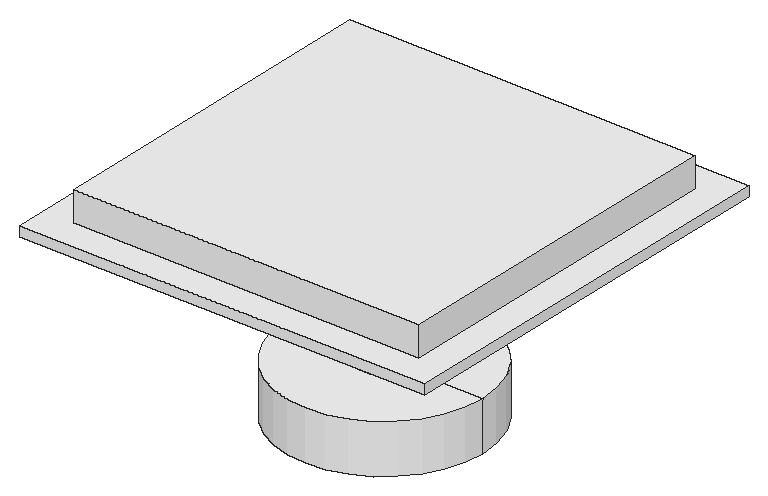
Revit family "Plumbing Fixture-FloorDrain_Mifab_C1440-S", category Plumbing Fixtures, host Face, Revit 2013
Parameters (values of type "4"")
  WFU = 0
  URL = "WWW.MIFAB.COM"
  Top Assembly Height = 3.000"
  Strainer Radius = Stainer Diameter / 2  # 3.350"
  Stainer Diameter = 6.700"
  Pipe Radius = Pipe Diameter / 2  # 2.000"
  Pipe Diameter = 4.000"
  Model = "C1440-S"
  Manufacturer = "MIFAB"
  Floor Drain Material = Paint - Sherwin Williams Paint - #952C2A - Bellwood Red
  Description = "EXPANDABLE LINE CLEANOUT WITH SQUARE, NICKEL BRONZE WALL\r\nACCESS PANEL"
  Default Elevation = 0.000"
  Body Height = 1.400"
Types (5): name | Top Assembly Height | Pipe Radius | Pipe Diameter
  (no name) | 3.000" | 2.000" | 4.000"
  3" | 3.000" | 1.500" | 3.000"
  2" | 3.000" | 1.000" | 2.000"
  4" | 3.000" | 2.000" | 4.000"
  1.5" | 3.290" | 0.750" | 1.500"
Reference planes (in)
  plane 1 "Center (Front/Back)": y = 0
  plane 2: z = 0
  plane 3 "Center (Left/Right)": x = 0
  plane 4: z = -4.4
  plane 5: x = -2
  plane 6: x = 2
  plane 7: z = -3
  plane 8: y = 3.5
  plane 9: x = -3.5
  plane 10: y = -3.5
  plane 11: x = 3.5
  plane 12: z = -0.904
Forms (in)
  Revolve 1, solid, material "Paint - Sherwin Williams Paint - #952C2A - Bellwood Red" <- "Floor Drain Material"
    sketch origin (0, 0, 0) x (1, 0, 0) y (0, 0, 1)
      loop
        line (-0.095, -3.55) -> (-0.095, -3) -> (-0.5, -3) -> (-0.5, -3.4) -> (-2, -3.4) -> (-2, -4.4) -> (-1.7, -4.4) -> (-1.7, -3.55) -> (-0.095, -3.55)
      axis (0, -4.4) -> (0, -3)
    angle from 0 to 360
  Extrusion 2, solid, material "Paint - Sherwin Williams Paint - #952C2A - Bellwood Red" <- "Floor Drain Material"
    sketch origin (0, 0, 0) x (1, 0, 0) y (0, 1, 0)
      loop
        line (-3.5, 3.5) -> (-3.5, -3.5) -> (3.5, -3.5) -> (3.5, 3.5) -> (-3.5, 3.5)
    from 0 to -0.8
  Extrusion 3, solid, material "Paint - Sherwin Williams Paint - #952C2A - Bellwood Red" <- "Floor Drain Material"
    sketch origin (0, 0, 0) x (1, 0, 0) y (0, 1, 0)
      loop
        line (-4.1, 4.1) -> (-4.1, -4.1) -> (4.1, -4.1) -> (4.1, 4.1) -> (-4.1, 4.1)
    from -0.8 to -0.6
  Extrusion 4, void
    sketch origin (0, 0, 0) x (1, 0, 0) y (0, 1, 0)
      loop
        line (-3.35, 3.35) -> (-3.35, -3.35) -> (3.35, -3.35) -> (3.35, 3.35) -> (-3.35, 3.35)
    from -0.2 to -0.8
Cuts and joins
  Extrusion 4 cuts Extrusion 2
  Extrusion 4 cuts Extrusion 3
  joined: Extrusion 2, Extrusion 3
Lines and regions (in)
  symbolic lines
    curve 1: circle (0, 0, 0) r 3.35 normal (0, 0, 1)
Dimensions and locks (in)
  "Body Height": plane 7 to plane 4
  equal spacing: plane 6, plane 3 "Center (Left/Right)", plane 5
  "Pipe Diameter": plane 6 to plane 5
  "Top Assembly Height": host face to plane 7
  locked: Revolve 1 sketch curve to Revolve 1 sketch curve at 0.3
  locked: Revolve 1 sketch curve to Revolve 1 sketch curve at 0.095
  locked: Revolve 1 sketch curve to Revolve 1 sketch curve at 0.55
  locked: Revolve 1 sketch curve to Revolve 1 sketch curve at 0.15
  locked: Revolve 1 sketch curve to Revolve 1 sketch curve at 0.5
  equal spacing: plane 9, plane 3 "Center (Left/Right)", plane 11
  equal spacing: plane 8, plane 1 "Center (Front/Back)", plane 10
  locked: Extrusion 2 to Extrusion 4 sketch curve at 0.15  (x2)
  locked: Extrusion 4 sketch curve to Extrusion 2 at 0.15  (x2)
  cut or joined group of Extrusion 2, Extrusion 3, Extrusion 4 to cut or joined group of Extrusion 2, Extrusion 3, Extrusion 4 = 0.000"
  "Strainer Radius": radius of curve 1
  aligned and locked: plane 2 to host face
  aligned and locked: level to host face
  aligned and locked: plane 1 "Center (Front/Back)" to curve 1
  aligned and locked: plane 3 "Center (Left/Right)" to curve 1
  aligned and locked: Revolve 1 to plane 7
  aligned and locked: Revolve 1 sketch curve to plane 5
  aligned and locked: Revolve 1 sketch curve to plane 4
  aligned and locked: plane 7 to Revolve 1 sketch curve
  aligned and locked: plane 3 "Center (Left/Right)" to Revolve 1 sketch curve
  aligned and locked: plane 11 to Extrusion 2 sketch curve
  aligned and locked: Extrusion 2 sketch curve to plane 8
  aligned and locked: plane 9 to Extrusion 2 sketch curve
  aligned and locked: plane 10 to Extrusion 2 sketch curve
Automatic sketch dimensions
  host sketch curve to host sketch curve = 96.000"  (x2)
  Revolve 1 sketch curve to plane 4 = 2.500"
  plane 7 to Revolve 1 sketch curve = 1.100"
  Extrusion 3 sketch curve to plane 9 = 0.600"
  Extrusion 3 sketch curve to plane 10 = 0.600"
  Extrusion 3 sketch curve to plane 11 = 0.600"
  plane 8 to Extrusion 3 sketch curve = 0.600"
  plane 1 "Center (Front/Back)" to curve 1 = 0.000"
  curve 1 to plane 3 "Center (Left/Right)" = 0.000"
Connectors (in)
  piping at (0, 0, -4.4), driven by "Pipe Radius"
    settings: on Revolve 1, index 1, connector radius 2", flow factor 0, pipe flow 0 GPM, pressure drop 0.00 psi, fitting loss kfactor 0, connector angle 0.00°, fixture units 0, engagement length 0.000", flow configuration 0, flow direction 0, fitting loss method 0, system type 7, joint type 0, gender type 0, connector reference index -1, connector utility 0, adjustable connector no, is connector primary yes, fitting loss table "", connector description ""
